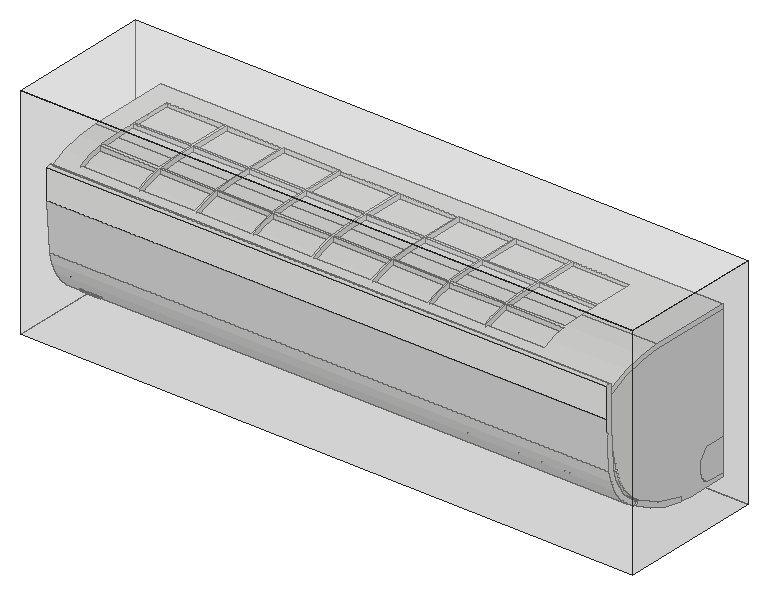
Revit family "outputfile", category 機械設備, Revit 2024
Family settings
  丸型コネクタ寸法 = 半径を使用
  パーツ タイプ = 標準
  OmniClass 番号 = 23.75.10.24.21.27.27
  OmniClass タイトル = Split System Air Conditioning Units
  作業面ベース = いいえ
  常に垂直 = はい
  ロード時にボイドで切り取り = いいえ
  注釈の向きを維持 = いいえ
  共有 = いいえ
  部屋計算ポイント = いいえ
Parameters (values of type "FXAQ50AVM4")
  Description = ""
  製造元 = "Daikin"
  書き出し IFC クラス(タイプ) = "IfcUnitaryEquipmentType"
  定義済み IFC タイプ(タイプ) = "AIRCONDITIONINGUNIT"
  Cost = 0
  モデル = "FXAQ50AVM4"
  Type Comments = ""
  Keynote = ""
  Type Image = (empty or 0)
  Assembly Code = ""
  w3_Indoor air flow = if(Width = 1050.0 mm, 109.0 mm, 1.0 mm)  # 109.0 mm
  w2_Indoor air flow = if(Width = 1050.0 mm, 103.0 mm, 98.0 mm)  # 103.0 mm
  w1_Indoor air flow = if(Width = 1050.0 mm, 108.0 mm, 103.0 mm)  # 108.0 mm
  r_Liquid Pipe Size = Liquid Pipe Size / 2  # 3.2 mm
  r_Gas Pipe Size = Gas Pipe Size / 2  # 6.35 mm
  r_Drain Pipe Size = Drain Pipe Size / 2  # 7.5 mm
  lw_powersupply [instance] = if(Width = 795.0 mm, if(or(Rear Right Connection_refrigerant, Bottom Right Connection_refrigerant), 83.0 mm, if(or(Rear Left Connection_refrigerant, Bottom Left Connection_refrigerant), 740.0 mm, 400.0 mm)), if(Width = 1050.0 mm, if(or(Rear Right Connection_refrigerant, Bottom Right Connection_refrigerant), 83.0 mm, if(or(Rear Left Connection_refrigerant, Bottom Left Connection_refrigerant), 712.0 mm + (1050.0 mm - 795.0 mm), 400.0 mm)), if(or(Rear Right Connection_refrigerant, Bottom Right Connection_refrigerant), 83.0 mm, if(or(Rear Left Connection_refrigerant, Bottom Left Connection_refrigerant), 712.0 mm, 400.0 mm))))  # 400.0 mm
  lw_liquidpipe [instance] = if(Width = 795.0 mm, if(or(Rear Right Connection_refrigerant, Bottom Right Connection_refrigerant), 0.0 mm, if(or(Rear Left Connection_refrigerant, Bottom Left Connection_refrigerant), 627.0 mm, 460.0 mm)), if(Width = 1050.0 mm, if(or(Rear Right Connection_refrigerant, Bottom Right Connection_refrigerant), 0.0 mm, if(or(Rear Left Connection_refrigerant, Bottom Left Connection_refrigerant), 627.0 mm + (1050.0 mm - 795.0 mm), 460.0 mm)), if(or(Rear Right Connection_refrigerant, Bottom Right Connection_refrigerant), 0.0 mm, if(or(Rear Left Connection_refrigerant, Bottom Left Connection_refrigerant), 627.0 mm, 460.0 mm))))  # 460.0 mm
  lw_gaspipe [instance] = if(Width = 795.0 mm, if(or(Rear Right Connection_refrigerant, Bottom Right Connection_refrigerant), 0.0 mm, if(or(Rear Left Connection_refrigerant, Bottom Left Connection_refrigerant), 620.0 mm, 415.0 mm)), if(Width = 1050.0 mm, if(or(Rear Right Connection_refrigerant, Bottom Right Connection_refrigerant), 0.0 mm, if(or(Rear Left Connection_refrigerant, Bottom Left Connection_refrigerant), 620.0 mm + (1050.0 mm - 795.0 mm), 415.0 mm)), if(or(Rear Right Connection_refrigerant, Bottom Right Connection_refrigerant), 0.0 mm, if(or(Rear Left Connection_refrigerant, Bottom Left Connection_refrigerant), 620.0 mm, 415.0 mm))))  # 415.0 mm
  lw_drainpipe [instance] = if(Width = 795.0 mm, if(or(Rear Right Connection_refrigerant, Bottom Right Connection_refrigerant), 0.0 mm, if(or(Rear Left Connection_refrigerant, Bottom Left Connection_refrigerant), 655.0 mm, 475.0 mm)), if(Width = 1050.0 mm, if(or(Rear Right Connection_refrigerant, Bottom Right Connection_refrigerant), 0.0 mm, if(or(Rear Left Connection_refrigerant, Bottom Left Connection_refrigerant), 655.0 mm + (1050.0 mm - 795.0 mm), 475.0 mm)), if(or(Rear Right Connection_refrigerant, Bottom Right Connection_refrigerant), 0.0 mm, if(or(Rear Left Connection_refrigerant, Bottom Left Connection_refrigerant), 655.0 mm, 475.0 mm))))  # 475.0 mm
  l_powersupply_length [instance] = if(Width = 795.0 mm, if(Right Connection_refrigerant, 400.0 mm, if(Left Connection_refrigerant, 395.0 mm, if(or(Rear Left Connection_refrigerant, Rear Right Connection_refrigerant), 15.0 mm, 50.0 mm))), if(Width = 1050.0 mm, if(Right Connection_refrigerant, 400.0 mm, if(Left Connection_refrigerant, 395.0 mm + (1050.0 mm - 795.0 mm), if(or(Rear Left Connection_refrigerant, Rear Right Connection_refrigerant), 15.0 mm, 50.0 mm))), if(Right Connection_refrigerant, 400.0 mm, if(Left Connection_refrigerant, 395.0 mm, if(or(Rear Left Connection_refrigerant, Rear Right Connection_refrigerant), 15.0 mm, 50.0 mm)))))  # 400.0 mm
  l_liquidpipe_length [instance] = if(Width = 795.0 mm, if(Right Connection_refrigerant, 558.0 mm, if(Left Connection_refrigerant, 237.0 mm, if(or(Rear Left Connection_refrigerant, Rear Right Connection_refrigerant), 30.0 mm, 40.0 mm))), if(Width = 1050.0 mm, if(Right Connection_refrigerant, 558.0 mm, if(Left Connection_refrigerant, 237.0 mm + (1050.0 mm - 795.0 mm), if(or(Rear Left Connection_refrigerant, Rear Right Connection_refrigerant), 30.0 mm, 40.0 mm))), if(Right Connection_refrigerant, 558.0 mm, if(Left Connection_refrigerant, 237.0 mm, if(or(Rear Left Connection_refrigerant, Rear Right Connection_refrigerant), 30.0 mm, 40.0 mm)))))  # 558.0 mm
  l_gaspipe_length [instance] = if(Width = 795.0 mm, if(Right Connection_refrigerant, 513.0 mm, if(Left Connection_refrigerant, 282.0 mm, if(or(Rear Left Connection_refrigerant, Rear Right Connection_refrigerant), 40.0 mm, 50.0 mm))), if(Width = 1050.0 mm, if(Right Connection_refrigerant, 513.0 mm, if(Left Connection_refrigerant, 282.0 mm + (1050.0 mm - 795.0 mm), if(or(Rear Left Connection_refrigerant, Rear Right Connection_refrigerant), 40.0 mm, 50.0 mm))), if(Right Connection_refrigerant, 513.0 mm, if(Left Connection_refrigerant, 282.0 mm, if(or(Rear Left Connection_refrigerant, Rear Right Connection_refrigerant), 40.0 mm, 50.0 mm)))))  # 513.0 mm
  l_drainpipe_length [instance] = if(Width = 795.0 mm, if(Right Connection_refrigerant, 573.0 mm, if(Left Connection_refrigerant, 222.0 mm, if(or(Rear Left Connection_refrigerant, Rear Right Connection_refrigerant), 15.0 mm, 20.0 mm))), if(Width = 1050.0 mm, if(Right Connection_refrigerant, 573.0 mm, if(Left Connection_refrigerant, 222.0 mm + (1050.0 mm - 795.0 mm), if(or(Rear Left Connection_refrigerant, Rear Right Connection_refrigerant), 15.0 mm, 20.0 mm))), if(Right Connection_refrigerant, 573.0 mm, if(Left Connection_refrigerant, 477.0 mm, if(or(Rear Left Connection_refrigerant, Rear Right Connection_refrigerant), 15.0 mm, 20.0 mm)))))  # 573.0 mm
  h*** = 0.0 mm  # constant formula
  d1_Indoor air flow = if(Width = 1050.0 mm, 38.0 mm, 35.0 mm)  # 38.0 mm
  angle_vertical [instance] = if(or(Bottom Left Connection_refrigerant, Bottom Right Connection_refrigerant), 0.00°, 90.00°)  # 90.00°
  angle_horizontal [instance] = if(Right Connection_refrigerant, 90.00°, if(Left Connection_refrigerant, -90.00°, if(or(Rear Left Connection_refrigerant, Rear Right Connection_refrigerant), 180.00°, 0.00°)))  # 90.00°
  Width = 1050.0 mm
  Voltage_comment_50Hz = "220-240"
  Voltage_50Hz = 230 V
  Version = "ver.1.0"
  Unit Type = "Wall Mounted Type"
  Unit Mass Weight = 15.00 kg
  Unit Designation [instance] = ""
  Uniclass2015Version = "Products v1.30"
  Uniclass2015Title = "Variable refrigerant flow units"
  Uniclass2015Code = "Pr_70_65_03_94"
  URL = ""
  Total Heating Capacity [instance] = 0.000 kW
  Total Cooling Capacity [instance] = 0.000 kW
  Sound Pressure Level_M speed (dBA) = 0
  Sound Pressure Level_L speed (dBA) = 35.5
  Sound Pressure Level_H speed (dBA) = 41
  Sound Power Level_H speed (dB) = 0
  Series = "VRV Fan Coil Unit"
  Sensible Cooling Capacity [instance] = 0.000 kW
  Refrigerant Type = "R410A"
  Power Input (Heating) = 0.070 kW
  Power Input (Cooling) = 0.060 kW
  Phase_50Hz = 1
  Option Accessory 3 [instance] = ""
  Option Accessory 2 [instance] = ""
  Option Accessory 1 [instance] = ""
  Nominal Heating Capacity = 6.300 kW
  Nominal Cooling Capacity = 5.600 kW
  Minimum Circuit Amps_50Hz = 0.7 A
  Minimum Airflow = 720.00 m³/h
  Median Airflow = 0.00 m³/h
  Maximum Fuse Amps_50Hz = 15.0 A
  Maximum Airflow = 900.00 m³/h
  Material_Casing = DAIKIN_White_Casing_indoorunit
  Load Classification = HVAC
  Liquid Pipe Size = 6.4 mm
  Link_Nested Family [instance] = ""
  IfcVersion = "0"
  IfcExportType = "AIRCONDITIONINGUNIT"
  IfcExportAs = "IfcUnitaryEquipmentType"
  Height = 290.0 mm
  Heating Entering Wet Bulb Temperature [instance] = 0.00 °C
  Heating Entering Dry Bulb Temperature [instance] = 0.00 °C
  Heating Ambient Wet Bulb Temperature [instance] = 0.00 °C
  Heating Ambient Dry Bulb Temperature [instance] = 0.00 °C
  Heat Exchanger Type = "Cross Fin Coil"
  Gas Pipe Size = 12.7 mm
  Frequency_50Hz = 50 Hz
  Fan Type = "Cross Flow Fan"
  Fan Drive = "Direct Drive"
  FCU Tag No. [instance] = ""
  Drain Pipe Size = 15.0 mm
  Design Supply Airflow [instance] = 0.00 m³/h
  Depth = 269.0 mm
  既定の高さ = 0.0 mm
  Cooling Entering Wet Bulb Temperature [instance] = 0.00 °C
  Cooling Entering Dry Bulb Temperature [instance] = 0.00 °C
  Cooling Ambient Wet Bulb Temperature [instance] = 0.00 °C
  Cooling Ambient Dry Bulb Temperature [instance] = 0.00 °C
  Clearance visibility [instance] = yes
  Clearance Top = 90.0 mm
  Clearance Right = 50.0 mm
  Clearance Rear = 0.0 mm
  Clearance Left = 50.0 mm
  Clearance Front = 0.0 mm
  Clearance Bottom = 30.0 mm
  Bottom Right Connection_refrigerant [instance] = no
  Bottom Left Connection_refrigerant [instance] = no
  Rear Right Connection_refrigerant [instance] = no
  Rear Left Connection_refrigerant [instance] = no
  Right Connection_refrigerant [instance] = yes
  Left Connection_refrigerant [instance] = no
Reference planes
  plane 1 "Back": y = 0
  plane 2: z = 0
  plane 3 "Center (Left/Right)": x = 0
  plane 4 "Center (Front/Back)": y = -134.5
  plane 5 "Front": y = -269
  plane 6 "Left": x = -525
  plane 7 "Right": x = 525
  plane 8 "Top": z = 0
  plane 9 "Bottom": z = -290
  plane 10 "Front panel_Left": x = -523
  plane 11 "Front panel_Right": x = 523
  plane 12: x = 389
  plane 13: x = 384
  plane 14: x = -573
  plane 15: x = 573
  plane 16: y = 0
  plane 17: y = -269
  plane 18: z = 90
  plane 19: z = -320
  plane 20: y = -38
  plane 21: y = -114.5
  plane 22: y = -190.5
  plane 23: y = -240
  plane 24: y = -118
  plane 25: y = -194
  plane 26: x = -50
  plane 27: x = -52
  plane 28: x = -48
  plane 29: x = 60
  plane 30: x = -160
  plane 31: x = -163
  plane 32: x = 63
  plane 33: x = -266
  plane 34: x = 166
  plane 35: x = -269
  plane 36: x = 169
  plane 37: x = -372
  plane 38: x = 272
  plane 39: x = -375
  plane 40: x = 275
  plane 41: x = 384
  plane 42: x = -484
  plane 43 "lw_Piping and Wiring intake": x = 427
  plane 44 "lw_gaspipe": x = 12
  plane 45 "lw_liquidpipe": x = -33
  plane 46 "lw_drainpipe": x = -48
  plane 47 "lh_drainpipe": z = -270
  plane 48 "lh_liquidpipe": z = -250
  plane 49 "lh_gaspipe": z = -240
  plane 50 "ld_drainpipe": y = -15
  plane 51 "ld_liquidpipe": y = -30
  plane 52 "ld_gaspipe": y = -40
  plane 53 "lw_powersupply": x = 125
Forms (mm)
  Extrusion 1, solid, material "DAIKIN_White_Casing_indoorunit" <- "Material_Casing"
    sketch origin (0, 0, 0) x (0, 1, 0) y (0, 0, 1)
      loop
        line (0, 0) -> (-153.182, 0)
        arc (-153.182, 0) -> (-207.578, -6.929) -> (-258.5, -27.273) r 216.99
        line (-258.5, -27.273) -> (-258.5, -36.477)
        arc (-258.5, -36.477) -> (-207.732, -15.245) -> (-153.182, -8) r 208.99
        line (-153.182, -8) -> (0, -8) -> (0, 0)
    from -525 to 525
  Extrusion 2, solid, material "DAIKIN_White_Casing_indoorunit" <- "Material_Casing"
    sketch origin (0, 0, 0) x (0, 1, 0) y (0, 0, 1)
      loop
        arc (-153.182, -8) -> (-207.732, -15.245) -> (-258.5, -36.477) r 208.99
        line (-258.5, -36.477) -> (-258.5, -86.08)
        arc (-258.5, -86.08) -> (-255.889, -129.793) -> (-248.094, -172.885) r 367.242
        arc (-248.094, -172.885) -> (-229.647, -212.392) -> (-197.378, -241.715) r 110.72
        arc (-197.378, -241.715) -> (-148.03, -265.605) -> (-95.247, -280.433) r 310.126
        line (-95.247, -280.433) -> (-95.247, -288.232)
        arc (-95.247, -288.232) -> (-84.534, -289.557) -> (-73.748, -290) r 131.592
        line (-73.748, -290) -> (0, -290) -> (0, -8) -> (-153.182, -8)
    from -525 to 525
  Extrusion 3, solid, material "DAIKIN_White_Casing_indoorunit" <- "Material_Casing"
    sketch origin (525, 1296.25, 1200) x (0, 1, 0) y (0, 0, 1)
      loop
        line (-1491.901, -1442.741) -> (-1496.494, -1450.482)
        arc (-1496.494, -1450.482) -> (-1447.058, -1474.911) -> (-1393.497, -1488.023) r 252.452
        line (-1393.497, -1488.023) -> (-1393.497, -1480.051)
        arc (-1393.497, -1480.051) -> (-1444.293, -1465.6) -> (-1491.901, -1442.741) r 310.126
    from 0 to -40.5
  Extrusion 4, solid, material "DAIKIN_White_Casing_indoorunit" <- "Material_Casing"
    sketch origin (0, 0, 0) x (0, 1, 0) y (0, 0, 1)
      loop
        line (-260, -76.896) -> (-260, -19.457) -> (-261.688, -19.457)
        arc (-261.688, -19.457) -> (-265.551, -20.17) -> (-269, -22.048) r 12.48
        line (-269, -22.048) -> (-269, -76.896) -> (-260, -76.896)
    from -523 to 523
  Extrusion 5, solid, material "DAIKIN_White_Casing_indoorunit" <- "Material_Casing"
    sketch origin (0, 0, 0) x (0, 1, 0) y (0, 0, 1)
      loop
        arc (-269, -76.896) -> (-267.342, -121.828) -> (-262.378, -166.517) r 609.735
        line (-262.378, -166.517) -> (-253.471, -165.192)
        arc (-253.471, -165.192) -> (-258.366, -121.165) -> (-260, -76.896) r 600.314
        line (-260, -76.896) -> (-269, -76.896)
    from -523 to 523
  Extrusion 6, solid, material "DAIKIN_White_Casing_indoorunit" <- "Material_Casing"
    sketch origin (0, 0, 0) x (0, 1, 0) y (0, 0, 1)
      loop
        arc (-262.378, -166.517) -> (-243.331, -214.672) -> (-204.947, -249.433) r 114
        line (-204.947, -249.433) -> (-200.324, -241.643)
        arc (-200.324, -241.643) -> (-235.845, -209.638) -> (-253.471, -165.192) r 104.894
        line (-253.471, -165.192) -> (-262.378, -166.517)
    from -523 to 523
  Extrusion 7, solid, material "DAIKIN_White_Casing_indoorunit" <- "Material_Casing"
    sketch origin (-525, 1296.25, 1200) x (0, 1, 0) y (0, 0, 1)
      loop
        arc (-1496.494, -1450.482) -> (-1447.058, -1474.911) -> (-1393.497, -1488.023) r 252.452
        line (-1393.497, -1488.023) -> (-1393.497, -1480.051)
        arc (-1393.497, -1480.051) -> (-1444.293, -1465.6) -> (-1491.901, -1442.741) r 310.126
        line (-1491.901, -1442.741) -> (-1496.494, -1450.482)
    from 0 to 40.5
  Extrusion 8, solid, material "DAIKIN_White_Casing_indoorunit" <- "Material_Casing"
    sketch origin (0, 0, 0) x (0, 1, 0) y (0, 0, 1)
      loop
        arc (-134.549, -280.22) -> (-116.045, -284.826) -> (-97.247, -288.023) r 252.452
        line (-97.247, -288.023) -> (-97.247, -280.051)
        arc (-97.247, -280.051) -> (-114.669, -276.142) -> (-131.838, -271.237) r 310.126
        line (-131.838, -271.237) -> (-134.549, -280.22)
    from -484.5 to 484.5
  Extrusion 9, solid, material "DAIKIN_White_Casing_indoorunit" <- "Material_Casing"
    sketch origin (389, -1524, 1789.769) x (0, 0, 1) y (0, -1, 0)
      loop
        line (-2032.51, -1328.35) -> (-2040.251, -1323.756)
        arc (-2040.251, -1323.756) -> (-2050.358, -1341.058) -> (-2059.061, -1359.107) r 252.452
        line (-2059.061, -1359.107) -> (-2050.603, -1364.126)
        arc (-2050.603, -1364.126) -> (-2042.135, -1345.945) -> (-2032.51, -1328.35) r 310.126
    from 0 to 95.5
  Extrusion 10, solid, material "DAIKIN_White_Casing_indoorunit" <- "Material_Casing"
    sketch origin (389, -1524, 1789.769) x (0, 0, 1) y (0, -1, 0)
      loop
        arc (-2059.061, -1359.107) -> (-2065.01, -1374.104) -> (-2069.989, -1389.451) r 252.452
        line (-2069.989, -1389.451) -> (-2061.006, -1392.162)
        arc (-2061.006, -1392.162) -> (-2056.142, -1378.019) -> (-2050.603, -1364.126) r 310.126
        line (-2050.603, -1364.126) -> (-2059.061, -1359.107)
    from 0 to 95.5
  Extrusion 11, solid, material "DAIKIN_White_Casing_indoorunit" <- "Material_Casing"
    sketch origin (384, -1524, 1089.438) x (0, 0, 1) y (0, -1, 0)
      loop
        arc (-1350.272, -1364.126) -> (-1341.805, -1345.945) -> (-1332.179, -1328.35) r 310.126
        line (-1332.179, -1328.35) -> (-1339.92, -1323.756)
        arc (-1339.92, -1323.756) -> (-1350.027, -1341.058) -> (-1358.73, -1359.107) r 252.452
        line (-1358.73, -1359.107) -> (-1350.272, -1364.126)
    from 0 to -868.5
  Extrusion 12, solid, material "DAIKIN_White_Casing_indoorunit" <- "Material_Casing"
    sketch origin (384, -1524, 1089.438) x (0, 0, 1) y (0, -1, 0)
      loop
        arc (-1360.675, -1392.162) -> (-1355.812, -1378.019) -> (-1350.272, -1364.126) r 310.126
        line (-1350.272, -1364.126) -> (-1358.73, -1359.107)
        arc (-1358.73, -1359.107) -> (-1364.679, -1374.104) -> (-1369.658, -1389.451) r 252.452
        line (-1369.658, -1389.451) -> (-1360.675, -1392.162)
    from 0 to -868.5
  Extrusion 13, void
    sketch origin (0, 0, 0) x (-1, 0, 0) y (0, -1, 0)
      loop
        line (48, 38) -> (48, 114.5) -> (-60, 114.5) -> (-60, 38) -> (48, 38)
      loop
        line (-63, 38) -> (-63, 114.5) -> (-166, 114.5) -> (-166, 38) -> (-63, 38)
      loop
        line (-169, 38) -> (-169, 114.5) -> (-272, 114.5) -> (-272, 38) -> (-169, 38)
      loop
        line (-275, 38) -> (-275, 114.5) -> (-384, 114.5) -> (-384, 38) -> (-275, 38)
      loop
        line (160, 38) -> (160, 114.5) -> (52, 114.5) -> (52, 38) -> (160, 38)
      loop
        line (-275, 118) -> (-275, 190.5) -> (-384, 190.5) -> (-384, 118) -> (-275, 118)
      loop
        line (-275, 194) -> (-275, 240) -> (-384, 240) -> (-384, 194) -> (-275, 194)
      loop
        line (-169, 240) -> (-272, 240) -> (-272, 194) -> (-169, 194) -> (-169, 240)
      loop
        line (-63, 240) -> (-166, 240) -> (-166, 194) -> (-63, 194) -> (-63, 240)
      loop
        line (-60, 194) -> (48, 194) -> (48, 240) -> (-60, 240) -> (-60, 194)
      loop
        line (160, 240) -> (52, 240) -> (52, 194) -> (160, 194) -> (160, 240)
      loop
        line (266, 240) -> (163, 240) -> (163, 194) -> (266, 194) -> (266, 240)
      loop
        line (372, 240) -> (269, 240) -> (269, 194) -> (372, 194) -> (372, 240)
      loop
        line (163, 38) -> (266, 38) -> (266, 114.5) -> (163, 114.5) -> (163, 38)
      loop
        line (269, 38) -> (372, 38) -> (372, 114.5) -> (269, 114.5) -> (269, 38)
      loop
        line (372, 118) -> (372, 190.5) -> (269, 190.5) -> (269, 118) -> (372, 118)
      loop
        line (266, 118) -> (266, 190.5) -> (163, 190.5) -> (163, 118) -> (266, 118)
      loop
        line (160, 118) -> (160, 190.5) -> (52, 190.5) -> (52, 118) -> (160, 118)
      loop
        line (48, 118) -> (48, 190.5) -> (-60, 190.5) -> (-60, 118) -> (48, 118)
      loop
        line (-63, 118) -> (-63, 190.5) -> (-166, 190.5) -> (-166, 118) -> (-63, 118)
      loop
        line (-169, 118) -> (-169, 190.5) -> (-272, 190.5) -> (-272, 118) -> (-169, 118)
      loop
        line (375, 38) -> (484, 38) -> (484, 114.5) -> (375, 114.5) -> (375, 38)
      loop
        line (484, 118) -> (484, 190.5) -> (375, 190.5) -> (375, 118) -> (484, 118)
      loop
        line (484, 240) -> (375, 240) -> (375, 194) -> (484, 194) -> (484, 240)
    from 2 to -30
  Extrusion 14, solid, material "DAIKIN_White_Casing_indoorunit" <- "Material_Casing"
    sketch origin (0, 0, 0) x (1, 0, 0) y (0, 0, 1)
      loop
        circle (427, -246) r 40
      loop
        circle (-465, -246) r 40
    from 0 to 5
  Extrusion 15, solid, material "DAIKIN_White_Casing_indoorunit" <- "Material_Casing"
    sketch origin (525, 1296.25, 1200) x (0, -1, 0) y (0, 0, 1)
      loop
        line (1326.25, -1422) -> (1296.25, -1422) -> (1296.25, -1482) -> (1326.25, -1482)
        arc (1326.25, -1482) -> (1340.393, -1476.142) -> (1346.25, -1462) r 20
        line (1346.25, -1462) -> (1346.25, -1442)
        arc (1346.25, -1442) -> (1340.393, -1427.858) -> (1326.25, -1422) r 20
    from 0 to 5
  Extrusion 16, solid, material "DAIKIN_White_Casing_indoorunit" <- "Material_Casing"
    sketch origin (-525, 1296.25, 1200) x (0, 1, 0) y (0, 0, 1)
      loop
        line (-1296.25, -1422) -> (-1326.25, -1422)
        arc (-1326.25, -1422) -> (-1340.393, -1427.858) -> (-1346.25, -1442) r 20
        line (-1346.25, -1442) -> (-1346.25, -1462)
        arc (-1346.25, -1462) -> (-1340.393, -1476.142) -> (-1326.25, -1482) r 20
        line (-1326.25, -1482) -> (-1296.25, -1482) -> (-1296.25, -1422)
    from 0 to 5
  Extrusion 17, solid, material "DAIKIN_White_Casing_indoorunit" <- "Material_Casing"
    sketch origin (0, 0, -290) x (-1, 0, 0) y (0, -1, 0)
      loop
        line (-397, 0) -> (-397, 30)
        arc (-397, 30) -> (-402.858, 44.142) -> (-417, 50) r 20
        line (-417, 50) -> (-437, 50)
        arc (-437, 50) -> (-451.142, 44.142) -> (-457, 30) r 20
        line (-457, 30) -> (-457, 0) -> (-397, 0)
      loop
        line (495, 0) -> (495, 30)
        arc (495, 30) -> (489.142, 44.142) -> (475, 50) r 20
        line (475, 50) -> (455, 50)
        arc (455, 50) -> (440.858, 44.142) -> (435, 30) r 20
        line (435, 30) -> (435, 0) -> (495, 0)
    from 0 to 5
Cuts and joins
  joined: Extrusion 4, Extrusion 5, Extrusion 6
  joined: Extrusion 3, Extrusion 7, Extrusion 8
  Extrusion 13 cuts Extrusion 1
Lines and regions (mm)
  reference lines
    curve 1: line (-523, -230.394, -229.966) -> (-523, -223.117, -236.824)
Dimensions and locks
  equal spacing: plane 6 "Left", plane 3 "Center (Left/Right)", plane 7 "Right"
  "Width": plane 6 "Left" to plane 7 "Right"
  equal spacing: plane 5 "Front", plane 4 "Center (Front/Back)", plane 1 "Back"
  "Depth": plane 5 "Front" to plane 1 "Back"
  "Height": plane 8 "Top" to plane 9 "Bottom"
  locked: Extrusion 1 sketch curve to Extrusion 1 sketch curve at 8
  locked: Extrusion 2 sketch curve to plane 1 "Back" at 73.748
  locked: Extrusion 3 sketch curve to plane 1 "Back" at 97.247
  locked: Extrusion 4 sketch curve to Extrusion 4 sketch curve at 9
  locked: plane 8 "Top" to Extrusion 4 sketch curve at 19.457
  locked: plane 5 "Front" to Extrusion 6 sketch curve at 6.622
  locked: plane 5 "Front" to Extrusion 6 sketch curve at 15.529
  locked: plane 10 "Front panel_Left" to plane 6 "Left" at 2
  locked: plane 7 "Right" to plane 11 "Front panel_Right" at 2
  locked: cut or joined group of Extrusion 3, Extrusion 7, Extrusion 8 to Extrusion 9 sketch curve at 40
  locked: plane 7 "Right" to plane 12 at 136
  locked: plane 12 to plane 13 at 5
  "Clearance Left": plane 14 to plane 10 "Front panel_Left"
  "Clearance Right": plane 11 "Front panel_Right" to plane 15
  "Clearance Rear": plane 16 to plane 1 "Back"
  "Clearance Front": plane 17 to plane 5 "Front"
  "Clearance Top": plane 18 to plane 8 "Top"
  "Clearance Bottom": plane 9 "Bottom" to plane 19
  locked: nested 2 to plane 10 "Front panel_Left" at 50
  "d1_Indoor air flow": plane 20 to plane 1 "Back"
  locked: plane 20 to plane 21 at 76.5
  locked: plane 21 to plane 24 at 3.5
  locked: plane 24 to plane 22 at 72.5
  locked: plane 22 to plane 25 at 3.5
  locked: plane 25 to plane 23 at 46
  locked: plane 26 to plane 3 "Center (Left/Right)" at 50
  equal spacing: plane 27, plane 26, plane 28
  locked: plane 27 to plane 28 at 4
  "w1_Indoor air flow": plane 28 to plane 29
  "w1_Indoor air flow": plane 30 to plane 27
  locked: plane 31 to plane 30 at 3
  locked: plane 29 to plane 32 at 3
  "w2_Indoor air flow": plane 33 to plane 31
  "w2_Indoor air flow": plane 32 to plane 34
  locked: plane 35 to plane 33 at 3
  locked: plane 34 to plane 36 at 3
  locked: plane 37 to plane 35 at 103
  locked: plane 36 to plane 38 at 103
  locked: plane 39 to plane 37 at 3
  locked: plane 38 to plane 40 at 3
  "w3_Indoor air flow": plane 40 to plane 41
  "w3_Indoor air flow": plane 42 to plane 39
  locked: plane 9 "Bottom" to Extrusion 14 sketch curve at 44  (x2)
  locked: Extrusion 14 sketch curve to plane 6 "Left" at 60
  locked: plane 7 "Right" to Extrusion 14 sketch curve at 98
  locked: plane 43 "lw_Piping and Wiring intake" to plane 7 "Right" at 98
  "lw_gaspipe": plane 44 "lw_gaspipe" to plane 43 "lw_Piping and Wiring intake"
  "lw_liquidpipe": plane 45 "lw_liquidpipe" to plane 43 "lw_Piping and Wiring intake"
  "lw_drainpipe": plane 46 "lw_drainpipe" to plane 43 "lw_Piping and Wiring intake"
  locked: plane 47 "lh_drainpipe" to plane 9 "Bottom" at 20
  locked: plane 48 "lh_liquidpipe" to plane 9 "Bottom" at 40
  locked: plane 49 "lh_gaspipe" to plane 9 "Bottom" at 50
  locked: plane 50 "ld_drainpipe" to plane 1 "Back" at 15
  locked: plane 1 "Back" to plane 51 "ld_liquidpipe" at 30
  locked: plane 1 "Back" to plane 52 "ld_gaspipe" at 40
  Extrusion 15 sketch curve to Extrusion 15 sketch curve to plane 9 "Bottom" = 60.0 mm locked, 8.0 mm locked
  locked: Extrusion 15 sketch curve to Extrusion 15 sketch curve at 50
  locked: Extrusion 17 sketch curve to Extrusion 17 sketch curve at 60  (x2)
  locked: Extrusion 17 sketch curve to Extrusion 17 sketch curve at 50
  locked: Extrusion 17 sketch curve to plane 43 "lw_Piping and Wiring intake" at 30
  locked: plane 6 "Left" to Extrusion 17 sketch curve at 30
  "lw_powersupply": plane 53 "lw_powersupply" to plane 7 "Right"
  radius of Extrusion 5 sketch curve = 609.735 mm
  radius of Extrusion 5 sketch curve = 600.314 mm
  aligned and locked: level to plane 2
  aligned and locked: plane 8 "Top" to Extrusion 1 sketch curve
  aligned and locked: plane 1 "Back" to Extrusion 1 sketch curve
  aligned and locked: Extrusion 1 to plane 6 "Left"
  aligned and locked: plane 7 "Right" to Extrusion 1
  aligned and locked: Extrusion 2 sketch curve to Extrusion 1
  aligned and locked: Extrusion 1 to Extrusion 2 sketch curve
  aligned and locked: plane 1 "Back" to Extrusion 2 sketch curve
  aligned and locked: Extrusion 2 sketch curve to plane 9 "Bottom"
  aligned and locked: Extrusion 2 to plane 6 "Left"
  aligned and locked: plane 7 "Right" to Extrusion 2
  aligned and locked: Extrusion 3 sketch curve to Extrusion 2
  aligned and locked: plane 5 "Front" to Extrusion 4 sketch curve
  aligned and locked: Extrusion 5 sketch curve to Extrusion 4
  aligned and locked: Extrusion 6 sketch curve to Extrusion 5
  aligned and locked: cut or joined group of Extrusion 4, Extrusion 5, Extrusion 6 to plane 11 "Front panel_Right"  (x3)
  aligned and locked: plane 10 "Front panel_Left" to cut or joined group of Extrusion 4, Extrusion 5, Extrusion 6  (x3)
  aligned and locked: Extrusion 7 sketch curve to Extrusion 3  (x4)
  aligned and locked: Extrusion 8 sketch curve to Extrusion 3  (x3)
  aligned and locked: Extrusion 8 to Extrusion 3
  aligned and locked: Extrusion 8 to Extrusion 7
  aligned and locked: Extrusion 9 sketch curve to cut or joined group of Extrusion 3, Extrusion 7, Extrusion 8  (x3)
  aligned and locked: Extrusion 10 sketch curve to cut or joined group of Extrusion 3, Extrusion 7, Extrusion 8  (x3)
  aligned and locked: Extrusion 10 sketch curve to Extrusion 9
  aligned and locked: Extrusion 9 to cut or joined group of Extrusion 3, Extrusion 7, Extrusion 8
  aligned and locked: Extrusion 10 to cut or joined group of Extrusion 3, Extrusion 7, Extrusion 8
  aligned and locked: Extrusion 11 sketch curve to Extrusion 9  (x4)
  aligned and locked: Extrusion 11 to cut or joined group of Extrusion 3, Extrusion 7, Extrusion 8
  aligned and locked: Extrusion 12 sketch curve to Extrusion 10  (x4)
  aligned and locked: Extrusion 12 to cut or joined group of Extrusion 3, Extrusion 7, Extrusion 8
  aligned and locked: plane 16 to nested 1
  aligned and locked: nested 1 to plane 17
  aligned and locked: plane 14 to nested 1
  aligned and locked: plane 15 to nested 1
  aligned and locked: plane 19 to nested 1
  aligned and locked: plane 18 to nested 1
  aligned and locked: nested 2 to curve 1
  aligned and locked: Extrusion 13 sketch curve to plane 20  (x5)
  aligned and locked: plane 28 to Extrusion 13 sketch curve  (x2)
  aligned and locked: plane 21 to Extrusion 13 sketch curve  (x5)
  aligned and locked: Extrusion 13 sketch curve to plane 29  (x2)
  aligned and locked: plane 32 to Extrusion 13 sketch curve  (x2)
  aligned and locked: Extrusion 13 sketch curve to plane 34  (x2)
  aligned and locked: plane 36 to Extrusion 13 sketch curve  (x2)
  aligned and locked: Extrusion 13 sketch curve to plane 38  (x2)
  aligned and locked: plane 40 to Extrusion 13 sketch curve  (x3)
  aligned and locked: Extrusion 13 sketch curve to plane 41  (x3)
  aligned and locked: plane 30 to Extrusion 13 sketch curve  (x2)
  aligned and locked: Extrusion 13 sketch curve to plane 27  (x2)
  aligned and locked: Extrusion 13 sketch curve to plane 24  (x8)
  aligned and locked: plane 22 to Extrusion 13 sketch curve  (x8)
  aligned and locked: Extrusion 13 sketch curve to plane 25
  aligned and locked: plane 23 to Extrusion 13 sketch curve
  aligned and locked: Extrusion 13 sketch curve to plane 23  (x7)
  aligned and locked: Extrusion 13 sketch curve to plane 36
  aligned and locked: plane 25 to Extrusion 13 sketch curve  (x7)
  aligned and locked: plane 38 to Extrusion 13 sketch curve
  aligned and locked: Extrusion 13 sketch curve to plane 32
  aligned and locked: plane 34 to Extrusion 13 sketch curve
  aligned and locked: plane 29 to Extrusion 13 sketch curve
  aligned and locked: Extrusion 13 sketch curve to plane 28
  aligned and locked: Extrusion 13 sketch curve to plane 30
  aligned and locked: plane 27 to Extrusion 13 sketch curve
  aligned and locked: Extrusion 13 sketch curve to plane 33  (x2)
  aligned and locked: plane 31 to Extrusion 13 sketch curve  (x2)
  aligned and locked: Extrusion 13 sketch curve to plane 37  (x2)
  aligned and locked: plane 35 to Extrusion 13 sketch curve  (x2)
  aligned and locked: plane 20 to Extrusion 13 sketch curve  (x3)
  aligned and locked: Extrusion 13 sketch curve to plane 21  (x3)
  aligned and locked: plane 37 to Extrusion 13 sketch curve
  aligned and locked: Extrusion 13 sketch curve to plane 35
  aligned and locked: plane 33 to Extrusion 13 sketch curve
  aligned and locked: Extrusion 13 sketch curve to plane 31
  aligned and locked: plane 39 to Extrusion 13 sketch curve  (x2)
  aligned and locked: Extrusion 13 sketch curve to plane 42  (x2)
  aligned and locked: plane 42 to Extrusion 13 sketch curve
  aligned and locked: Extrusion 13 sketch curve to plane 39
  aligned and locked: plane 1 "Back" to Extrusion 15 sketch curve
  aligned and locked: Extrusion 16 sketch curve to Extrusion 15  (x4)
  aligned and locked: Extrusion 17 sketch curve to Extrusion 17 sketch curve  (x2)
  aligned and locked: plane 1 "Back" to Extrusion 17 sketch curve
  aligned and locked: plane 44 "lw_gaspipe" to nested 3
  aligned and locked: nested 3 to plane 52 "ld_gaspipe"
  aligned and locked: plane 45 "lw_liquidpipe" to nested 4
  aligned and locked: nested 4 to plane 51 "ld_liquidpipe"
  aligned and locked: plane 46 "lw_drainpipe" to nested 5
  aligned and locked: nested 5 to plane 50 "ld_drainpipe"
  aligned and locked: nested 6 to plane 50 "ld_drainpipe"
  aligned and locked: plane 53 "lw_powersupply" to nested 6
  aligned and locked: level to plane 8 "Top"
Automatic sketch dimensions
  Extrusion 1 sketch curve to plane 8 "Top" = 0.0 mm
  Extrusion 1 sketch curve to plane 4 "Center (Front/Back)" = 18.682 mm
  Extrusion 1 sketch curve to Extrusion 1 sketch curve = 9.205 mm
  Extrusion 1 sketch curve to Extrusion 1 sketch curve = 0.0 mm  (x3)
  Extrusion 1 sketch curve to plane 5 "Front" = 10.5 mm
  Extrusion 2 sketch curve to plane 4 "Center (Front/Back)" = 6.011 mm
  plane 9 "Bottom" to Extrusion 2 sketch curve = 9.567 mm
  Extrusion 2 sketch curve to Extrusion 2 sketch curve = 21.499 mm
  plane 1 "Back" to Extrusion 2 sketch curve = 38.095 mm
  Extrusion 2 sketch curve to plane 8 "Top" = 86.08 mm
  Extrusion 2 sketch curve to Extrusion 2 sketch curve = 7.799 mm
  Extrusion 2 sketch curve to Extrusion 2 sketch curve = 11.695 mm
  plane 8 "Top" to Extrusion 2 sketch curve = 24.382 mm
  Extrusion 2 sketch curve to Extrusion 2 sketch curve = 0.0 mm  (x2)
  Extrusion 4 sketch curve to Extrusion 4 sketch curve = 1.688 mm
  Extrusion 4 sketch curve to plane 5 "Front" = 7.618 mm
  Extrusion 4 sketch curve to Extrusion 4 sketch curve = 12.476 mm
  Extrusion 4 sketch curve to Extrusion 4 sketch curve = 44.963 mm
  Extrusion 5 sketch curve to Extrusion 5 sketch curve = 0.421 mm
  Extrusion 5 sketch curve to plane 5 "Front" = 6.622 mm
  Extrusion 5 sketch curve to Extrusion 5 sketch curve = 8.907 mm
  Extrusion 5 sketch curve to plane 5 "Front" = 0.0 mm
  plane 9 "Bottom" to Extrusion 6 sketch curve = 40.567 mm
  Extrusion 6 sketch curve to Extrusion 6 sketch curve = 4.622 mm
  Extrusion 6 sketch curve to Extrusion 6 sketch curve = 0.102 mm
  Extrusion 6 sketch curve to Extrusion 6 sketch curve = 0.003 mm
  Extrusion 6 sketch curve to Extrusion 6 sketch curve = 48.524 mm
  Extrusion 6 sketch curve to Extrusion 6 sketch curve = 50.607 mm
  plane 9 "Bottom" to Extrusion 3 sketch curve = 47.259 mm
  Extrusion 3 sketch curve to Extrusion 3 sketch curve = 4.593 mm
  plane 1 "Back" to Extrusion 3 sketch curve = 64.356 mm
  plane 9 "Bottom" to Extrusion 3 sketch curve = 1.977 mm
  Extrusion 3 sketch curve to Extrusion 3 sketch curve = 7.741 mm
  plane 4 "Center (Front/Back)" to Extrusion 8 sketch curve = 2.662 mm
  Extrusion 8 sketch curve to plane 4 "Center (Front/Back)" = 0.049 mm
  plane 9 "Bottom" to curve 1 = 53.176 mm
  curve 1 to plane 5 "Front" = 45.883 mm
  curve 1 to curve 1 = 6.859 mm
  curve 1 to curve 1 = 7.277 mm
  Extrusion 15 sketch curve to plane 51 "ld_liquidpipe" = 0.0 mm  (x2)
  Extrusion 17 sketch curve to plane 51 "ld_liquidpipe" = 0.0 mm  (x4)
  radius of Extrusion 14 sketch curve = 40.0 mm  (x2)
Nested families
  nested 1: "daikin_clearancespace" at (0, -134.5, -114.881), show <- "Clearance visibility", visible <- "Clearance visibility", Link_Nested Family <- "Link_Nested Family", type "daikin_clearancespace"
    with width 1146.0 mm, show yes, height 410.0 mm, depth 269.0 mm, Link_Nested Family ""
  nested 2: "daikin_logo_plane_w40" at (-473, -230.722, -229.657) x (1, 0, 0) z (0, -0.6859, -0.7277), type "daikin_logo_plane_w40"
    with show_logo yes
  nested 3: "daikin_connector_rotate3" at (12, -40, -240), angle_vertical <- "angle_vertical", angle_horizontal <- "angle_horizontal", length <- "l_gaspipe_length", radius <- "r_Gas Pipe Size", type "daikin_connector_rotate3"
    with show no, radius 6.35 mm, length 513.0 mm, angle_vertical 90.00°, angle_horizontal 90.00°
  nested 4: "daikin_connector_rotate3" at (-33, -30, -250), angle_vertical <- "angle_vertical", angle_horizontal <- "angle_horizontal", radius <- "r_Liquid Pipe Size", length <- "l_liquidpipe_length", type "daikin_connector_rotate3"
    with show no, radius 3.2 mm, length 558.0 mm, angle_vertical 90.00°, angle_horizontal 90.00°
  nested 5: "daikin_connector_rotate3" at (-48, -15, -270), angle_vertical <- "angle_vertical", angle_horizontal <- "angle_horizontal", length <- "l_drainpipe_length", radius <- "r_Drain Pipe Size", type "daikin_connector_rotate3"
    with show no, radius 7.5 mm, length 573.0 mm, angle_vertical 90.00°, angle_horizontal 90.00°
  nested 6: "daikin_connector_rotate3" at (125, -15, -240), angle_vertical <- "angle_vertical", angle_horizontal <- "angle_horizontal", length <- "l_powersupply_length", type "daikin_connector_rotate3"
    with show no, radius 10.0 mm, length 400.0 mm, angle_vertical 90.00°, angle_horizontal 90.00°
Connectors
  piping at (525, -40, -240), diameter 12.7, driven by "r_Gas Pipe Size"
    settings: on nested 3, index 1, connector inside diameter 609.6 mm, connector length 0.0 mm, flow factor 0, pipe flow 0.00 m³/h, pressure drop 0.0 Pa, fitting loss kfactor 0, connector angle 0.00°, fixture units 0, engagement length 0.0 mm, angle of deflection 0.00°, flow configuration 1, flow direction 2, fitting loss method 0, system type 29, joint type 0, gender type 0, connector reference index -1, connector utility 0, adjustable connector no, is connector primary yes, connector description "Refrigerant Gas Piping"
  piping at (525, -30, -250), diameter 6.4, driven by "r_Liquid Pipe Size"
    settings: on nested 4, index 2, connector inside diameter 609.6 mm, connector length 0.0 mm, flow factor 0, pipe flow 0.00 m³/h, pressure drop 0.0 Pa, fitting loss kfactor 0, connector angle 0.00°, fixture units 0, engagement length 0.0 mm, angle of deflection 0.00°, flow configuration 1, flow direction 1, fitting loss method 0, system type 29, joint type 0, gender type 0, connector reference index -1, connector utility 0, adjustable connector no, is connector primary no, connector description "Refrigerant Liquid Piping"
  piping at (525, -15, -270), diameter 15, driven by "r_Drain Pipe Size"
    settings: on nested 5, index 3, connector inside diameter 609.6 mm, connector length 0.0 mm, flow factor 0, pipe flow 0.00 m³/h, pressure drop 0.0 Pa, fitting loss kfactor 0, connector angle 0.00°, fixture units 0, engagement length 0.0 mm, angle of deflection 0.00°, flow configuration 1, flow direction 2, fitting loss method 4, system type 16, joint type 0, gender type 0, connector reference index -1, connector utility 0, adjustable connector no, is connector primary no, connector description "Condensate Drain Piping"
  electrical at (525, -15, -240), driven by "Load Classification"
    settings: on nested 6, index 4, voltage 0 V, apparent load 0 VA, apparent load phase1 0 VA, apparent load phase2 0 VA, apparent load phase3 0 VA, power factor 1, load classification "HVAC", number of poles 1, system type 30, power factor state 1, is connector primary yes, connector utility no, sub classification motor no, connector description "Power Supply"
Definition of nested family "daikin_clearancespace"
  Parameters (values of type "daikin_clearancespace")
    Description = "daikin_clearancespace"
    width [instance] = 1823.963 mm
    show [instance] = yes
    material = none
    height [instance] = 1359.762 mm
    depth [instance] = 880.0 mm
    Default Elevation = 0.0 mm
    Link_Nested Family [instance] = ""
  Reference planes
    plane 1 "Center (Front/Back)": y = 0
    plane 2 "Center (Elevation)": z = -0.119
    plane 3 "Center (Left/Right)": x = 0
    plane 4: y = 440
    plane 5: y = -440
    plane 6 "Right": x = 911.982
    plane 7 "Left": x = -911.982
    plane 8 "Top": z = 679.762
    plane 9 "Bottom": z = -680
  Forms (mm)
    Extrusion 1, solid, material <- "material", visible <- "show"
      sketch origin (0, 0, 0) x (1, 0, 0) y (0, 1, 0)
        loop
          line (-911.982, 440) -> (-911.982, -440) -> (911.982, -440) -> (911.982, 440) -> (-911.982, 440)
      from -680 to 679.762
  Lines and regions (mm)
    symbolic lines, visible <- "show"
      curve 1: line (911.982, 440, 0) -> (-911.982, 440, 0)
      curve 2: line (-911.982, 440, 0) -> (-911.982, -440, 0)
      curve 3: line (-911.982, -440, 0) -> (911.982, -440, 0)
      curve 4: line (911.982, -440, 0) -> (911.982, 440, 0)
      curve 5: line (911.982, 0, 679.762) -> (-911.982, 0, 679.762)
      curve 6: line (911.982, 0, -680) -> (911.982, 0, 679.762)
      curve 7: line (-911.982, 0, -680) -> (911.982, 0, -680)
      curve 8: line (-911.982, 0, 679.762) -> (-911.982, 0, -680)
      curve 9: line (0, 440, 679.762) -> (0, -440, 679.762)
      curve 10: line (0, -440, 679.762) -> (0, -440, -680)
      curve 11: line (0, 440, -680) -> (0, 440, 679.762)
      curve 12: line (0, -440, -680) -> (0, 440, -680)
  Dimensions and locks
    "width": plane 7 "Left" to plane 6 "Right"
    "depth": plane 4 to plane 5
    "height": plane 8 "Top" to plane 9 "Bottom"
    equal spacing: plane 7 "Left", plane 3 "Center (Left/Right)", plane 6 "Right"
    equal spacing: plane 4, plane 1 "Center (Front/Back)", plane 5
    equal spacing: plane 8 "Top", plane 2 "Center (Elevation)", plane 9 "Bottom"
    aligned and locked: level to plane 2 "Center (Elevation)"
    aligned and locked: Extrusion 1 sketch curve to plane 4
    aligned and locked: plane 7 "Left" to Extrusion 1 sketch curve
    aligned and locked: Extrusion 1 sketch curve to plane 5
    aligned and locked: Extrusion 1 sketch curve to plane 6 "Right"
    aligned and locked: plane 8 "Top" to Extrusion 1
    aligned and locked: curve 1 to Extrusion 1
    aligned and locked: curve 2 to Extrusion 1
    aligned and locked: curve 3 to Extrusion 1
    aligned and locked: curve 4 to Extrusion 1
    aligned and locked: curve 5 to Extrusion 1
    aligned and locked: curve 6 to Extrusion 1
    aligned and locked: curve 7 to Extrusion 1
    aligned and locked: curve 8 to Extrusion 1
    aligned and locked: curve 9 to Extrusion 1
    aligned and locked: curve 10 to Extrusion 1
    aligned and locked: curve 11 to Extrusion 1
    aligned and locked: curve 12 to Extrusion 1
    aligned and locked: Extrusion 1 to plane 9 "Bottom"
Definition of nested family "daikin_logo_plane_w40"
  Parameters (values of type "daikin_logo_plane_w40")
    width = 40.0 mm
    show_logo [instance] = yes
    material = none
    height = 0.0 mm
    depth = 0.0 mm
    Default Elevation = 1219.2 mm
  Reference planes
    plane 1 "Center (Front/Back)": y = 0
    plane 2: z = 0
    plane 3 "Center (Left/Right)": x = 0
    plane 4: z = 2
    plane 5 "left": x = -19
    plane 6: x = 19
  Forms (mm)
    Extrusion 1, solid, visible <- "show_logo"
      sketch origin (-19, 0, 0) x (1, 0, 0) y (0, 1, 0)
        loop
          line (8.902, -1.878) -> (7.789, -6.332) -> (11.13, -6.332)
          arc (11.13, -6.332) -> (12.454, -6.064) -> (13.472, -5.176) r 2.642
          arc (13.472, -5.176) -> (13.92, -4.02) -> (13.767, -2.79) r 2.537
          arc (13.767, -2.79) -> (13.452, -2.342) -> (12.982, -2.06) r 1.321
          arc (12.982, -2.06) -> (12.063, -1.902) -> (11.13, -1.878) r 6.479
          line (11.13, -1.878) -> (8.902, -1.878)
        loop
          line (10.016, -5.441) -> (10.907, -5.441)
          arc (10.907, -5.441) -> (11.591, -4.983) -> (11.988, -4.261) r 1.742
          spline (11.988, -4.261) -> (12.01, -4.155) -> (12.027, -4.03) -> (12.037, -3.893) -> (12.037, -3.747) -> (12.026, -3.598) -> (12.002, -3.451) -> (11.962, -3.31) -> (11.905, -3.181) -> (11.829, -3.069) -> (11.731, -2.978) -> (11.61, -2.913) -> (11.464, -2.88)
          line (11.464, -2.88) -> (10.573, -2.88) -> (10.016, -5.441)
        loop
          line (13.58, -6.332) -> (14.805, -6.332) -> (15.223, -5.553) -> (16.977, -5.553) -> (17.144, -6.332) -> (19.149, -6.332) -> (18.258, -1.878) -> (16.03, -1.878) -> (13.58, -6.332)
        loop
          line (16.476, -3.214) -> (15.76, -4.551) -> (16.762, -4.551) -> (16.476, -3.214)
        loop
          line (19.705, -6.332) -> (21.599, -6.332) -> (22.712, -1.878) -> (20.819, -1.878) -> (19.705, -6.332)
        loop
          line (22.712, -6.332) -> (24.606, -6.332) -> (24.908, -5.122) -> (25.831, -6.332) -> (28.17, -6.332) -> (26.388, -3.994) -> (28.949, -1.878) -> (26.945, -1.878) -> (25.401, -3.153) -> (25.719, -1.878) -> (23.826, -1.878) -> (22.712, -6.332)
        loop
          line (29.84, -1.878) -> (28.615, -6.332) -> (30.62, -6.332) -> (31.734, -1.878) -> (29.84, -1.878)
        loop
          line (31.734, -6.332) -> (33.07, -6.332) -> (33.7, -3.814) -> (34.518, -6.332) -> (36.745, -6.332) -> (37.859, -1.878) -> (36.523, -1.878) -> (35.845, -4.589) -> (34.963, -1.878) -> (32.847, -1.878) -> (31.734, -6.332)
      from 0 to 2
    Extrusion 2, solid, visible <- "show_logo"
      sketch origin (-19, 0, 0) x (1, 0, 0) y (0, 1, 0)
        loop
          line (8.7, 0) -> (4.235, 0) -> (0, -3.879) -> (0, -8) -> (8.7, 0)
      from 0 to 2
    Extrusion 3, solid, visible <- "show_logo"
      sketch origin (-19, 0, 0) x (1, 0, 0) y (0, 1, 0)
        loop
          line (0, 0) -> (0, -3.879) -> (4.235, 0) -> (0, 0)
      from 0 to 2
  Dimensions and locks
    plane 4 to plane 2 = 2.0 mm
    equal spacing: plane 5 "left", plane 3 "Center (Left/Right)", plane 6
    locked: plane 5 "left" to plane 6 at 38
    aligned and locked: level to plane 2
    aligned and locked: Extrusion 3 to plane 1 "Center (Front/Back)"  (x2)
    aligned and locked: Extrusion 2 to plane 1 "Center (Front/Back)"  (x2)
    aligned and locked: plane 4 to Extrusion 1
    aligned and locked: plane 4 to Extrusion 3
    aligned and locked: plane 4 to Extrusion 2
    aligned and locked: Extrusion 3 to plane 5 "left"
    aligned and locked: Extrusion 2 to plane 5 "left"
  Automatic sketch dimensions
    Extrusion 1 sketch curve to Extrusion 1 sketch curve = 0.901 mm
    Extrusion 1 sketch curve to Extrusion 1 sketch curve = 1.559 mm
    Extrusion 1 sketch curve to Extrusion 1 sketch curve = 1.327 mm
    Extrusion 1 sketch curve to Extrusion 1 sketch curve = 2.145 mm
    Extrusion 1 sketch curve to Extrusion 1 sketch curve = 1.448 mm
    Extrusion 1 sketch curve to Extrusion 1 sketch curve = 2.116 mm
    Extrusion 1 sketch curve to Extrusion 1 sketch curve = 1.114 mm  (x4)
    Extrusion 1 sketch curve to Extrusion 1 sketch curve = 1.336 mm  (x2)
    plane 1 "Center (Front/Back)" to Extrusion 1 sketch curve = 1.878 mm  (x5)
    Extrusion 1 sketch curve to Extrusion 1 sketch curve = 1.893 mm  (x5)
    Extrusion 1 sketch curve to Extrusion 1 sketch curve = 0.891 mm  (x4)
    Extrusion 1 sketch curve to Extrusion 1 sketch curve = 2.005 mm  (x3)
    Extrusion 1 sketch curve to Extrusion 1 sketch curve = 0.445 mm  (x2)
    plane 1 "Center (Front/Back)" to Extrusion 1 sketch curve = 3.994 mm
    Extrusion 1 sketch curve to Extrusion 1 sketch curve = 0.557 mm  (x2)
    Extrusion 1 sketch curve to Extrusion 1 sketch curve = 2.339 mm  (x2)
    Extrusion 1 sketch curve to Extrusion 1 sketch curve = 1.225 mm  (x3)
    plane 1 "Center (Front/Back)" to Extrusion 1 sketch curve = 3.153 mm
    Extrusion 1 sketch curve to Extrusion 1 sketch curve = 0.987 mm
    plane 1 "Center (Front/Back)" to Extrusion 1 sketch curve = 5.122 mm
    Extrusion 1 sketch curve to Extrusion 1 sketch curve = 0.922 mm
    plane 1 "Center (Front/Back)" to Extrusion 1 sketch curve = 6.332 mm
    Extrusion 1 sketch curve to Extrusion 1 sketch curve = 2.562 mm
    plane 1 "Center (Front/Back)" to Extrusion 1 sketch curve = 5.553 mm
    Extrusion 1 sketch curve to Extrusion 1 sketch curve = 0.167 mm
    Extrusion 1 sketch curve to Extrusion 1 sketch curve = 0.215 mm
    plane 1 "Center (Front/Back)" to Extrusion 1 sketch curve = 3.214 mm
    Extrusion 1 sketch curve to Extrusion 1 sketch curve = 0.286 mm
    plane 1 "Center (Front/Back)" to Extrusion 1 sketch curve = 4.551 mm
    Extrusion 1 sketch curve to Extrusion 1 sketch curve = 1.002 mm
    Extrusion 1 sketch curve to Extrusion 1 sketch curve = 0.537 mm
    Extrusion 1 sketch curve to Extrusion 1 sketch curve = 0.418 mm
    Extrusion 1 sketch curve to Extrusion 1 sketch curve = 1.028 mm
    plane 1 "Center (Front/Back)" to Extrusion 1 sketch curve = 4.261 mm
    Extrusion 1 sketch curve to Extrusion 1 sketch curve = 0.563 mm
    plane 1 "Center (Front/Back)" to Extrusion 1 sketch curve = 2.88 mm
    Extrusion 1 sketch curve to Extrusion 1 sketch curve = 1.088 mm
    Extrusion 1 sketch curve to Extrusion 1 sketch curve = 2.152 mm
    Extrusion 1 sketch curve to Extrusion 1 sketch curve = 0.586 mm
    Extrusion 1 sketch curve to Extrusion 1 sketch curve = 0.118 mm
    Extrusion 1 sketch curve to Extrusion 1 sketch curve = 0.298 mm
    Extrusion 1 sketch curve to Extrusion 1 sketch curve = 0.334 mm
    Extrusion 1 sketch curve to Extrusion 1 sketch curve = 0.223 mm
    Extrusion 1 sketch curve to Extrusion 1 sketch curve = 0.266 mm
    Extrusion 1 sketch curve to Extrusion 1 sketch curve = 1.671 mm
    Extrusion 1 sketch curve to Extrusion 1 sketch curve = 2.227 mm
    Extrusion 1 sketch curve to Extrusion 1 sketch curve = 0.0 mm  (x7)
    Extrusion 1 sketch curve to Extrusion 1 sketch curve = 3.453 mm
    Extrusion 1 sketch curve to Extrusion 1 sketch curve = 2.017 mm
    Extrusion 1 sketch curve to Extrusion 1 sketch curve = 0.78 mm  (x2)
    Extrusion 1 sketch curve to Extrusion 1 sketch curve = 1.743 mm
    Extrusion 1 sketch curve to Extrusion 1 sketch curve = 0.775 mm
    Extrusion 1 sketch curve to Extrusion 1 sketch curve = 0.552 mm
    Extrusion 1 sketch curve to Extrusion 1 sketch curve = 0.014 mm
    Extrusion 1 sketch curve to Extrusion 1 sketch curve = 0.952 mm
    Extrusion 1 sketch curve to Extrusion 1 sketch curve = 1.215 mm
    Extrusion 1 sketch curve to Extrusion 1 sketch curve = 0.108 mm
    plane 1 "Center (Front/Back)" to Extrusion 2 sketch curve = 0.0 mm
    Extrusion 2 sketch curve to plane 3 "Center (Left/Right)" = 19.0 mm
    Extrusion 2 sketch curve to plane 3 "Center (Left/Right)" = 14.765 mm
    Extrusion 2 sketch curve to Extrusion 2 sketch curve = 4.465 mm
    plane 1 "Center (Front/Back)" to Extrusion 2 sketch curve = 3.879 mm
    Extrusion 2 sketch curve to Extrusion 2 sketch curve = 4.12 mm
    plane 1 "Center (Front/Back)" to Extrusion 3 sketch curve = 0.0 mm
    Extrusion 3 sketch curve to plane 3 "Center (Left/Right)" = 19.0 mm
    Extrusion 3 sketch curve to plane 3 "Center (Left/Right)" = 14.765 mm
    plane 1 "Center (Front/Back)" to Extrusion 3 sketch curve = 3.879 mm
    Extrusion 1 sketch curve to plane 3 "Center (Left/Right)" = 11.211 mm
    Extrusion 1 sketch curve to Extrusion 1 sketch curve = 1.782 mm
Definition of nested family "daikin_connector_rotate3"
  Parameters (values of type "daikin_connector_rotate3")
    show [instance] = yes
    radius [instance] = 10.0 mm
    length [instance] = 600.0 mm
    angle_horizontal [instance] = 60.00°
    angle_vertical [instance] = 90.00°
    Default Elevation = 1219.2 mm
  Reference planes
    plane 1 "Center (Front/Back)": y = 0
    plane 2: z = 0
    plane 3 "Center (Left/Right)": x = 0
  Dimensions and locks
    "angle_horizontal": angle plane 3 "Center (Left/Right)" to nested 1
    aligned and locked: level to plane 2
    aligned and locked: plane 1 "Center (Front/Back)" to nested 1  (x2)
    aligned and locked: plane 3 "Center (Left/Right)" to nested 1
  Nested families
    nested 1: "daikin_connector_rotate2" at (0, 0, 0) x (0.5, 0.866, 0) z (0, 0, 1), angle_vertical <- "angle_vertical", length <- "length", radius <- "radius", type "daikin_connector_rotate2"
      with radius 10.0 mm, length 600.0 mm, angle_vertical 90.00°
  Definition of nested family "daikin_connector_rotate2"
    Parameters (values of type "daikin_connector_rotate2")
      show_face = yes
      radius [instance] = 10.0 mm
      length [instance] = 600.0 mm
      d_surface = 10.0 mm
      angle_vertical [instance] = 90.00°
      Default Elevation = 0.0 mm
    Reference planes
      plane 1 "Center (Front/Back)": y = 0
      plane 2: z = 0
      plane 3 "Center (Left/Right)": x = 0
    Forms (mm)
      Extrusion 1, solid, visible <- "show_face"
        sketch origin (0, -600, 0) x (1, 0, 0) y (0, 0, 1)
          loop
            circle (0, 0) r 10
        from 0 to -10
    Lines and regions (mm)
      reference lines
        curve 1: line (0, 0, 0) -> (0, -600, 0)
      symbolic lines
        curve 2: circle (0, 0, 0) r 5 normal (0, 0, 1)
      model lines, visible <- "show_face"
        curve 3: line (0, 0, 0) -> (0, -600, 0)
    Dimensions and locks
      "length": curve 1 to curve 1
      "length": curve 3 to curve 3
      "d_surface": Extrusion 1 to Extrusion 1
      "radius": radius of Extrusion 1 sketch curve
      "angle_vertical": angle curve 1 to plane 1 "Center (Front/Back)"
      "angle_vertical": angle curve 3 to plane 1 "Center (Front/Back)"
      aligned and locked: level to plane 2
      aligned and locked: plane 1 "Center (Front/Back)" to curve 1
      aligned and locked: plane 2 to curve 1
      aligned and locked: plane 1 "Center (Front/Back)" to curve 2
      aligned and locked: plane 3 "Center (Left/Right)" to curve 2
      aligned and locked: plane 1 "Center (Front/Back)" to curve 3
      aligned and locked: plane 2 to curve 3
      aligned and locked: Extrusion 1 to Extrusion 1
    Automatic sketch dimensions
      Extrusion 1 sketch curve to level = 0.0 mm
      Extrusion 1 sketch curve to plane 3 "Center (Left/Right)" = 0.0 mm
      radius of curve 2 = 5.0 mm
